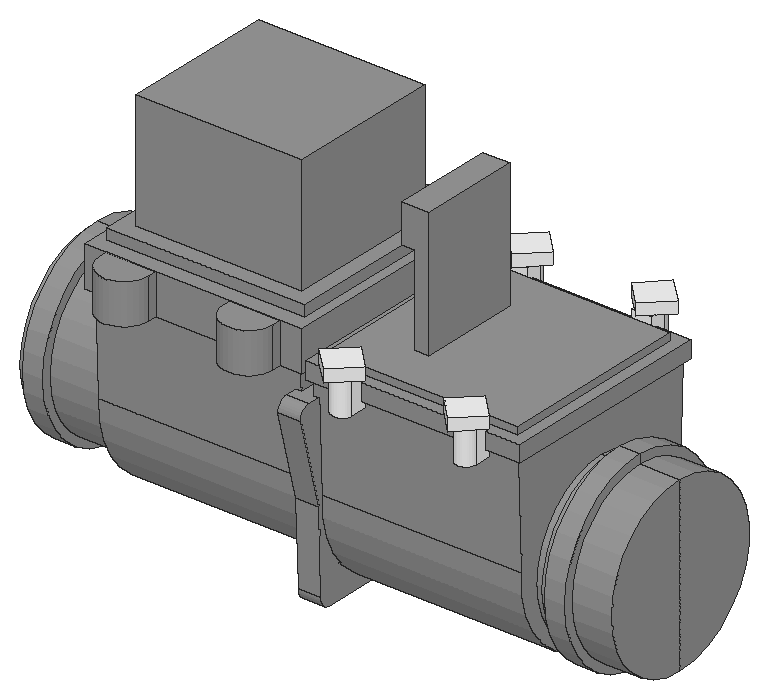
Revit family "HL_RU_Anti-flooding valve_HL715.2EPC-A-171212", category Příslušenství trubek, Revit 2021
Family settings
  Kóta kulaté spojky = Použít průměr
  Typ dílu = Normální
  Číslo OmniClass = 23.65.55.14.21
  Nadpis OmniClass = Non-Return Valves for Liquid Services
  Založené na pracovní rovině = Ne
  Vždy vertikální = Ano
  Ořezat dutým tvarem při načtení = Ne
  Sdílené = Ne
Parameters (values of type "HL_Механический канализационный затвор_HL715.2EPC")
  РАЗМЕР = "DN160"
  ПРОПУСКНАЯ СПОСОБНОСТЬ [instance] = 0.0 m³/h
  ПРАВОВАЯ ИНФОРМАЦИЯ = "\"Авторские права(©), права на дизайн или какие либо другие права интелектуальной собственности являются исключительной собственностью компании HL Hutterer & Lechner. Изменению не подлежит. Файл семейства с данными о прозводителе изделия защищен паролем с водяным знаком.\""
  ПАДЕНИЕ ДАВЛЕНИЯ [instance] = 0.0 Pa
  НОМИНАЛЬНЫЙ ДИАМЕТР 2 = 160 mm
  НОМИНАЛЬНЫЙ ДИАМЕТР = 160 mm
  МАТЕРИАЛ = "ABS"
  ВЫСОТА МОНТАЖА = "355 mm"
  ВЕС = "8,3 kg"
  Výrobce = "HL Hutterer & Lechner GmbH"
  Výchozí výška = 0 mm
  URL = "http://www.hutterer-lechner.com/ru/products/catalog/roof-drains/HL715.2EPC.aspx"
  Popis = "Механический канализационный затвор"
  Model = "HL715.2EPC"
  Komentáře k typům = "Механический магистральный канализационный затвор DN160 с электроприводной заслонкой, с дополнительной заслонкой из нержавеющей стали и ручным затвором . С возможностью подключения к компьютеру."
  Keynote = "HL715.2EPC"
  EAN = "9003076011643"
  Cena = 0
Types (2, lengths in mm): name | URL | Popis | Komentáře k typům
  (no name) | "http://www.hutterer-lechner.com/en/products/catalog/roof-drains/HL715.2EPC.aspx" | "Anti flood valves" | "anti-flood valve DN160 with electronically controlled flap, additional stainless steel flap and manual blocking. With interface"
  HL_Механический канализационный затвор_HL715.2EPC | "http://www.hutterer-lechner.com/ru/products/catalog/roof-drains/HL715.2EPC.aspx" | "Механический канализационный затвор" | "Механический магистральный канализационный затвор DN160 с электроприводной заслонкой, с дополнительной заслонкой из нержавеющей стали и ручным затвором . С возможностью подключения к компьютеру."
Values of the unnamed type that differ from the named types
  ПРАВОВАЯ ИНФОРМАЦИЯ = "\"Copyright (©), design rights or any other intellectual property rights, shall be the exclusive property of HL Hutterer & Lechner GmbH. Modification is not allowed. Family has been watermarked.\""
Reference planes
  plane 1 "Střed (vpředu/vzadu)": y = 0
  plane 2: z = 0
  plane 3 "Střed (vlevo/vpravo)": x = 0
Forms (mm)
  Sweep 1, solid, material "Plastic - Orange", detail levels fine
    path origin (323.75, 0, 124.666) x (1, 0, 0) y (0, 0, 1)
      loop
        line (101.5, -24) -> (-101.443, -24)
    profile origin (323.778, 0, 100.666) x (0, 0, -1) y (0, -1, 0)
      loop
        line (-0.5, 0) -> (-0.5, -101.455) -> (102.291, -97.866)
        arc (102.291, -97.866) -> (176.057, -71.881) -> (206.874, 0) r 97.308
        arc (206.874, 0) -> (176.057, 71.881) -> (102.291, 97.866) r 97.308
        line (102.291, 97.866) -> (-0.5, 101.455) -> (-0.5, 0)
  Extrusion 2, solid, material "Plastic - Orange", detail levels fine
    sketch origin (425.25, 0, 101.166) x (-1, 0, 0) y (0, -1, 0)
      loop
        line (-4.2, 105.7) -> (-4.2, -105.7) -> (207.2, -105.7) -> (207.2, 105.7) -> (-4.2, 105.7)
    from 0 to 16.5
  Extrusion 3, solid, material "Plastic - Orange", detail levels fine
    sketch origin (425.25, 0, 117.666) x (-1, 0, 0) y (0, -1, 0)
      loop
        line (196, -94.5) -> (196, 94.5) -> (7, 94.5) -> (7, -94.5) -> (196, -94.5)
    from 0 to 7
  Extrusion 4, solid, material "Plactic - White", detail levels fine
    sketch origin (323.75, 0, 124.666) x (1, 0, 0) y (0, 1, 0)
      loop
        line (71.5, -101.158) -> (51.5, -101.158) -> (51.5, -116.5)
        arc (51.5, -116.5) -> (61.5, -126.5) -> (71.5, -116.5) r 10
        line (71.5, -116.5) -> (71.5, -101.158)
    from -32 to 3.735
  Extrusion 5, solid, material "Plactic - White", detail levels fine
    sketch origin (323.75, 0, 128.401) x (1, 0, 0) y (0, 1, 0)
      loop
        line (84.127, -116.5) -> (61.5, -93.873) -> (38.873, -116.5) -> (61.5, -139.127) -> (84.127, -116.5)
    from 0 to 12
  Extrusion 6, solid, material "Plactic - White", detail levels fine
    sketch origin (200.75, 0, 124.666) x (1, 0, 0) y (0, 1, 0)
      loop
        line (71.5, -101.158) -> (51.5, -101.158) -> (51.5, -116.5)
        arc (51.5, -116.5) -> (61.5, -126.5) -> (71.5, -116.5) r 10
        line (71.5, -116.5) -> (71.5, -101.158)
    from -32 to 3.735
  Extrusion 7, solid, material "Plactic - White", detail levels fine
    sketch origin (200.75, 0, 128.401) x (1, 0, 0) y (0, 1, 0)
      loop
        line (84.127, -116.5) -> (61.5, -93.873) -> (38.873, -116.5) -> (61.5, -139.127) -> (84.127, -116.5)
    from 0 to 12
  Extrusion 8, solid, material "Plactic - White", detail levels fine
    sketch origin (323.75, 0, 124.666) x (1, 0, 0) y (0, 1, 0)
      loop
        line (71.5, 101.158) -> (71.5, 116.5)
        arc (71.5, 116.5) -> (61.5, 126.5) -> (51.5, 116.5) r 10
        line (51.5, 116.5) -> (51.5, 101.158) -> (71.5, 101.158)
    from -32 to 3.735
  Extrusion 9, solid, material "Plactic - White", detail levels fine
    sketch origin (323.75, 0, 128.401) x (1, 0, 0) y (0, 1, 0)
      loop
        line (84.127, 116.5) -> (61.5, 139.127) -> (38.873, 116.5) -> (61.5, 93.873) -> (84.127, 116.5)
    from 0 to 12
  Extrusion 10, solid, material "Plactic - White", detail levels fine
    sketch origin (200.75, 0, 124.666) x (1, 0, 0) y (0, 1, 0)
      loop
        line (71.5, 101.158) -> (71.5, 116.5)
        arc (71.5, 116.5) -> (61.5, 126.5) -> (51.5, 116.5) r 10
        line (51.5, 116.5) -> (51.5, 101.158) -> (71.5, 101.158)
    from -32 to 3.735
  Extrusion 11, solid, material "Plactic - White", detail levels fine
    sketch origin (200.75, 0, 128.401) x (1, 0, 0) y (0, 1, 0)
      loop
        line (84.127, 116.5) -> (61.5, 139.127) -> (38.873, 116.5) -> (61.5, 93.873) -> (84.127, 116.5)
    from 0 to 12
  Sweep 12, solid, material "Plastic - Orange", not visible, detail levels fine
    path origin (323.75, 0, 119.728) x (1, 0, 0) y (0, 0, 1)
      loop
        line (180, -58.4) -> (101.5, -58.4)
    profile origin (464.5, 0, 61.328) x (0, 0, -1) y (0, -1, 0)
      loop
        circle (80, 0) r 80
  Extrusion 13, solid, material "Plastic - Red", detail levels fine
    sketch origin (370.998, 0, 124.666) x (1, 0, 0) y (0, 0, 1)
      loop
        line (-76.248, 127) -> (-102.748, 127) -> (-102.748, 89) -> (-90.248, 89) -> (-90.248, 0) -> (-76.248, 0) -> (-76.248, 127)
    from -50 to 50
  Sweep 14, solid, material "Plastic - Orange", detail levels fine
    path origin (107.75, 0, 129.366) x (1, 0, 0) y (0, 0, 1)
      loop
        line (101.5, -24) -> (-101.443, -24)
    profile origin (107.778, 0, 105.366) x (0, 0, -1) y (0, -1, 0)
      loop
        line (-0.5, 0) -> (-0.5, -101.455) -> (99.02, -97.98)
        arc (99.02, -97.98) -> (171.687, -71.286) -> (201.874, 0) r 97.308
        arc (201.874, 0) -> (171.687, 71.286) -> (99.02, 97.98) r 97.308
        line (99.02, 97.98) -> (-0.5, 101.455) -> (-0.5, 0)
  Revolve 15, solid, material "Plastic - Orange", detail levels fine
    sketch origin (107.75, 0, 126.9) x (1, 0, 0) y (0, 0, 1)
      loop
        line (-189.5, -126.9) -> (-101.443, -126.9) -> (-101.443, -41.9) -> (-160.5, -41.9) -> (-160.5, -33.366) -> (-180.5, -33.366) -> (-180.5, -41.9) -> (-189.5, -41.9) -> (-189.5, -126.9)
      axis (-101.443, -126.9) -> (-189.5, -126.9)
    angle from 0 to 360
  Extrusion 16, solid, material "Plastic - Orange", detail levels fine
    sketch origin (211, 0, 129.366) x (0, 1, 0) y (0, 0, 1)
      loop
        line (-87.161, -233.82) -> (0, -233.82) -> (87.161, -233.82)
        arc (87.161, -233.82) -> (95.351, -230.428) -> (98.743, -222.239) r 11.581
        line (98.743, -222.239) -> (101.621, -139.82) -> (124.203, -54.55)
        arc (124.203, -54.55) -> (120.952, -46.701) -> (113.103, -43.45) r 11.1
        line (113.103, -43.45) -> (0, -43.45) -> (-113.103, -43.45)
        arc (-113.103, -43.45) -> (-120.952, -46.701) -> (-124.203, -54.55) r 11.1
        line (-124.203, -54.55) -> (-101.621, -139.82) -> (-98.743, -222.239)
        arc (-98.743, -222.239) -> (-95.351, -230.428) -> (-87.161, -233.82) r 11.581
    from -6.25 to 16
  Extrusion 17, solid, material "Plastic - Orange", detail levels fine
    sketch origin (209.25, 0, 105.866) x (-1, 0, 0) y (0, -1, 0)
      loop
        line (209.25, 107.75) -> (-6.25, 107.75) -> (-6.25, -107.75) -> (209.25, -107.75) -> (209.25, 107.75)
    from 0 to 40
  Extrusion 18, solid, material "Plastic - Orange", detail levels fine
    sketch origin (209.25, 0, 145.866) x (-1, 0, 0) y (0, -1, 0)
      loop
        line (199.474, 91.974) -> (3.526, 91.974) -> (3.526, -91.974) -> (199.474, -91.974) -> (199.474, 91.974)
    from 0 to 11
  Extrusion 19, solid, material "Plastic - Orange", detail levels fine
    sketch origin (209.25, 0, 156.866) x (-1, 0, 0) y (0, -1, 0)
      loop
        line (183.474, -75.974) -> (183.474, 75.974) -> (19.526, 75.974) -> (19.526, -75.974) -> (183.474, -75.974)
    from 0 to 116
  Extrusion 20, solid, material "Plastic - Orange", detail levels fine
    sketch origin (209.25, 0, 145.866) x (-1, 0, 0) y (0, -1, 0)
      loop
        arc (64.5, 116.497) -> (40, 140.997) -> (15.501, 116.497) r 24.5
        line (15.501, 116.497) -> (15.501, 107.75) -> (64.5, 107.75) -> (64.5, 116.497)
    from -40 to 0
  Extrusion 21, solid, material "Plastic - Orange", detail levels fine
    sketch origin (-90.75, 0, 145.866) x (-1, 0, 0) y (0, -1, 0)
      loop
        arc (-112.502, 116.497) -> (-137.001, 140.997) -> (-161.501, 116.497) r 24.5
        line (-161.501, 116.497) -> (-161.501, 107.75) -> (-112.502, 107.75) -> (-112.502, 116.497)
    from -40 to 0
  Extrusion 22, solid, material "Plastic - Orange", detail levels fine
    sketch origin (209.25, 0, 145.866) x (-1, 0, 0) y (0, -1, 0)
      loop
        line (64.5, -116.497) -> (64.5, -107.75) -> (15.501, -107.75) -> (15.501, -116.497)
        arc (15.501, -116.497) -> (40, -140.997) -> (64.5, -116.497) r 24.5
    from -40 to 0
  Extrusion 23, solid, material "Plastic - Orange", detail levels fine
    sketch origin (-90.75, 0, 145.866) x (-1, 0, 0) y (0, -1, 0)
      loop
        line (-112.502, -116.497) -> (-112.502, -107.75) -> (-161.501, -107.75) -> (-161.501, -116.497)
        arc (-161.501, -116.497) -> (-137.001, -140.997) -> (-112.502, -116.497) r 24.5
    from -40 to 0
  Revolve 24, solid, material "Plastic - Orange", detail levels fine
    sketch origin (624.75, 0, 108.228) x (1, 0, 0) y (0, 0, 1)
      loop
        line (-199.5, -126.9) -> (-121, -126.9) -> (-121, -41.9) -> (-160.5, -41.9) -> (-160.5, -33.366) -> (-180.5, -33.366) -> (-180.5, -41.9) -> (-189.5, -41.9) -> (-189.5, -46.9) -> (-199.5, -46.9) -> (-199.5, -126.9)
      axis (-121, -126.9) -> (-199.5, -126.9)
    angle from 0 to 360
Lines and regions (mm)
  model lines, style "Symbol", detail levels coarse+medium
    curve 1: line (0, 0, 0) -> (503.75, 0, -18.672)
    curve 2: line (376.875, 0, -69.336) -> (376.875, 0, 50.664)
    curve 3: line (376.875, 0, 50.664) -> (126.875, 0, 50.664)
    curve 4: line (126.875, 0, -69.336) -> (126.875, 0, 50.664)
    curve 13: line (376.875, 0, -69.336) -> (126.875, 0, -69.336)
  symbolic lines, style "Symbol", detail levels coarse+medium
    curve 5: line (503.75, 0, 0) -> (0, 0, 0)
    curve 6: line (376.875, -60, 0) -> (376.875, 60, 0)
    curve 7: line (376.875, 60, 0) -> (126.875, 60, 0)
    curve 8: line (126.875, -60, 0) -> (126.875, 60, 0)
    curve 9: line (251.875, -105, 0) -> (251.875, 105, 0)
    curve 10: line (376.875, -60, 0) -> (126.875, -60, 0)
  model lines, detail levels coarse+medium
    curve 11: line (251.875, 0, -9.336) -> (251.875, 0, 95.664)
    curve 12: line (251.875, 0, -114.336) -> (251.875, 0, -9.336)
Dimensions and locks
  aligned and locked: level to plane 2
Connectors
  piping at (0, 0, 0), diameter 160, driven by "ПАДЕНИЕ ДАВЛЕНИЯ", driven by "НОМИНАЛЬНЫЙ ДИАМЕТР", driven by "ПРОПУСКНАЯ СПОСОБНОСТЬ"
    settings: on plane 3 "Střed (vlevo/vpravo)", index 1, connector inside diameter 609.6 mm, connector length 0 mm, flow factor 0, pipe flow 0.0 m³/h, pressure drop 0.0 Pa, fitting loss kfactor 0, connector angle 0.00°, fixture units 0, engagement length 0 mm, angle of deflection 0.00°, flow configuration 0, flow direction 0, fitting loss method 4, system type 16, joint type 0, gender type 0, connector reference index -1, connector utility 0, adjustable connector no, is connector primary yes, connector description ""
  piping at (503.75, 0, -18.672), diameter 160, driven by "НОМИНАЛЬНЫЙ ДИАМЕТР 2", driven by "ПРОПУСКНАЯ СПОСОБНОСТЬ"
    settings: on Sweep 12, index 2, connector inside diameter 609.6 mm, connector length 0 mm, flow factor 0, pipe flow 0.0 m³/h, pressure drop 0.0 Pa, fitting loss kfactor 0, connector angle 0.00°, fixture units 0, engagement length 0 mm, angle of deflection 0.00°, flow configuration 1, flow direction 2, fitting loss method 4, system type 16, joint type 0, gender type 0, connector reference index -1, connector utility 0, adjustable connector no, is connector primary no, connector description ""
